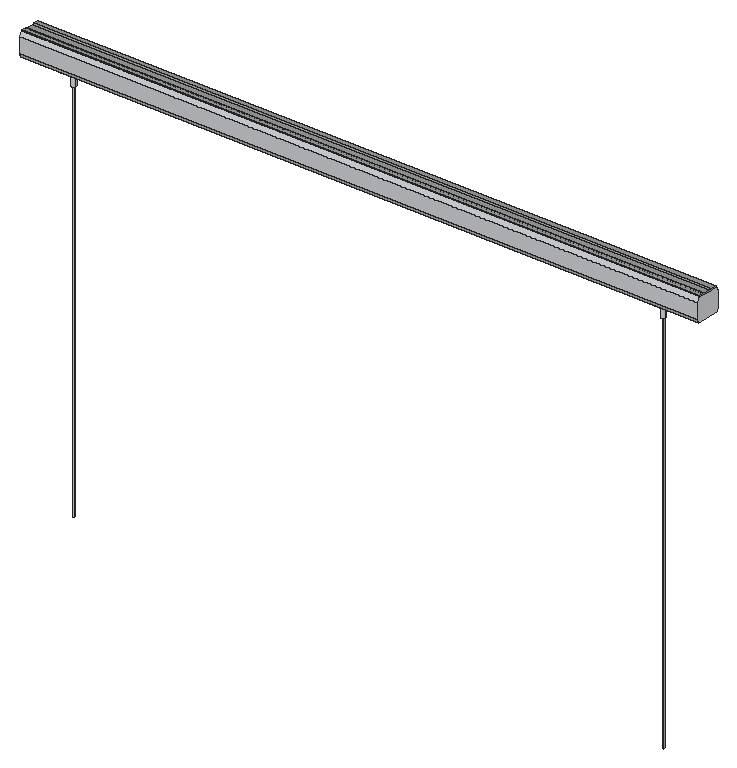
Revit family "0042525 Sylvania Lighting Fixture ISOLINE 1690MM 4K DASY DA 8C", category Lighting Fixtures, host Face, Revit 2018
Family settings
  Host = Face
  Round Connector Dimension = Use Diameter
  Part Type = Normal
  OmniClass Number = 23.80.70.00
  OmniClass Title = Lighting
  Cut with Voids When Loaded = No
  Light Source = Yes
  Shared = No
  Room Calculation Point = No
Parameters (values of type "0042525 ISOLINE 1690MM 4K DASY DA 8C")
  suspension height = 1000 mm
  spacer height = 5 mm
  spacer centres = 1000 mm
  height = 58.791 mm
  Width = 62 mm
  Weight = "n/a"
  Wattage Comments = ""
  Wattage = 9.2903 W
  WarrantyStartDate [instance] = "n/a"
  WarrantyGuarantorParts = "n/a"
  WarrantyDurationUnit = "n/a"
  WarrantyDurationParts = ""
  WarrantyDescription = "http://www.sylvania-lighting.com"
  built-in parameter 1150110 = 1 (stored number, unit not read)
  Voltage = 0 V
  URL = "0"
  TypeName = "ISOLINE 1690MM 4K DASY DA 8C"
  Type Image = <None>
  Type Comments = "n/a"
  built-in parameter 1114217 = 1 (stored number, unit not read)
  Tilt Angle = 90.00°
  built-in parameter 1150109 = 1 (stored number, unit not read)
  built-in parameter 1150134 = 3
  built-in parameter 1150113 = 1 (stored number, unit not read)
  SerialNumber [instance] = "n/a"
  Photometric Web File = "0042525.ies"
  Material_3_FEILO = none
  PowerFactor = 0
  PowerConsumption = "Lighting"
  NominalLength = 62 mm
  NominalHeight = 0 mm
  NominalDepth = 0 mm
  Name = "ISOLINE 1690MM 4K DASY DA 8C"
  ModelReference = Name  # "ISOLINE 1690MM 4K DASY DA 8C"
  ModelNumber = "0042525"
  Model = Name  # "ISOLINE 1690MM 4K DASY DA 8C"
  Material = "Feilo Sylvania"
  ManufacturerName = "147 lm/W"
  Manufacturer = ""
  LuminousEfficacy = ""
  built-in parameter 1150105 = 109.82 (stored number, unit not read)
  Lumens = 1380 lm
  LuminaireType = "0"
  built-in parameter 1150115 = 1 (stored number, unit not read)
  LightOutputRatio = "LED"
  built-in parameter 1150137 = (empty or 0)
  built-in parameter 1150139 = (empty or 0)
  Length = 1690 mm
  LampsType = Lamp  # "n/a"
  LampNominalLuminous = "4000 K"
  LampMacAdamStep = "80"
  LampColourTemperature = "LED"
  LampColourRenderingIndex = "16500"
  built-in parameter 1150112 = 1 (stored number, unit not read)
  built-in parameter 1150114 = 1 (stored number, unit not read)
  Lamp = "n/a"
  Keynote = "n/a"
  InstallationDate [instance] = "n/a"
  InputVoltage = "0"
  InputNominalFrequency = "4000"
  built-in parameter 1150132 = (empty or 0)
  built-in parameter 1150102 = (empty or 0)
  built-in parameter 1150107 = 3200 (stored number, unit not read)
  built-in parameter 1150138 = (empty or 0)
  IngressProtection = "IfcLightFixtureType"
  ImpactProtectionIndex = "IfcLightFixtureType"
  built-in parameter 1150106 = 1.0982 (stored number, unit not read)
  IfcExportType = "IfcLightFixtureType"
  IfcExportAs = "Class I"
  Height = 1000 mm
  ExpectedLife = 50000
  Emit from Circle Diameter = 609.6 mm
  Emit Shape Visible in Rendering = no
  ElectricShockClassification = "147"
  built-in parameter 1150104 = 13.8 (stored number, unit not read)
  DurationUnit = "hours"
  DocumentationLiterature = "http://www.sylvania-lighting.com/product/en-int/products/0042525"
  DimmingControlOptions = "n/a"
  Material_2_FEILO = none
  Dimming Lamp Color Temperature Shift = <None>
  Description = "Isoline LED linear DALI dimmable luminaire for industrial and commercial applications. 1690 mm lenght with double asymmetrical optics provide homogenous light distribution for wide, shelf areas. Suitable for DALI Dimming. Aluminium housing, RAL 9016. Max + 35 °C operating temperature range, 4000 K, CRI 80, UGR <25, 3 SDMC. 56 W power consumption, 8300 lm luminous flux, 147 lm/W efficacy, 1690 mm x 62 mm x 59 mm (L x W x H) dimensions, IP20, IK03, DC 50/60 Hz, Class I. Lifespan L70:B50 60,000 hours."
  Default Elevation = 1219.2 mm
  CreatedOn = "04/03/2021"
  CreatedBy = "@sylvania-lighting.com"
  Cost = 0
  Color Filter = 16777215
  built-in parameter 1114216 [instance] = (empty or 0)
  ClassificationValue = "EF_70_80"
  ClassificationName = "Uniclass2015"
  Material_1_FEILO = none
  BarCode [instance] = "n/a"
  built-in parameter 1114218 = 1 (stored number, unit not read)
  built-in parameter 1150133 = 10 (stored number, unit not read)
  AssetType = "Fixed"
  AssetIdentifier [instance] = "n/a"
  Assembly Code = "D5020200"
  Apparent Load = 56 VA
  Material_4_FEILO = none
Reference planes
  plane 1 "Center (Front/Back)": y = 0
  plane 2: z = 0
  plane 3 "Center (Left/Right)": x = 0
  plane 4: z = 0
  plane 5: z = 1000
  plane 6: y = 31
  plane 7: y = -31
  plane 8: x = -845
  plane 9: x = 845
  plane 10: x = -37.307
  plane 11: x = 55
  plane 12: z = 1058.791
  plane 13: z = 51
  plane 14: y = -27
  plane 15: y = 27
  plane 16: z = 12
  plane 17: y = -24.969
  plane 18: y = 25
  plane 19: y = 12
  plane 20: y = -12
  plane 21: z = 1.634
  plane 22: y = -8
  plane 23: y = 8
  plane 24: z = 995
  plane 25: y = 26.98
  plane 26: y = 16.98
  plane 27: y = -27.027
  plane 28: y = -17.004
  plane 29: z = 996.5
  plane 30: y = 26.002
  plane 31: y = -26.027
  plane 32: through (-1580, 7.965, 1219.2) normal (0.5391, 0.8423, 0)
  plane 33: through (-1555, 7.965, 1219.2) normal (0.5391, -0.8423, 0)
  plane 34: through (1555, 7.965, 1219.2) normal (0.5391, 0.8423, 0)
  plane 35: through (1580, 8, 1219.2) normal (0.5399, -0.8417, 0)
  plane 36: z = 1058.003
  plane 37: z = 1056.819
  plane 38: x = -735
  plane 39: x = 735
Forms (mm)
  Extrusion 1, solid, detail levels medium+fine
    sketch origin (-1690, -1523.717, -160.594) x (0, -1, -0.000261) y (0, 0.000261, -1)
      loop
        line (-1493, -1168.2) -> (-1497, -1160.2) -> (-1551, -1160.2) -> (-1555, -1168.2) -> (-1555, -1207.2) -> (-1549.109, -1218.982) -> (-1535.466, -1218.982) -> (-1532, -1217.566) -> (-1516, -1217.566) -> (-1512.511, -1218.991) -> (-1498.896, -1218.991) -> (-1493, -1207.2) -> (-1493, -1168.2)
    from 845 to 2535
  Extrusion 2, solid
    sketch origin (722.452, 1524, 1219.247) x (0, 1, 0) y (0, 0, 1)
      loop
        line (-1497.021, -219.189) -> (-1498.02, -219.189) -> (-1507.02, -223.699) -> (-1541.004, -223.699) -> (-1550.017, -219.203) -> (-1551.02, -219.203) -> (-1541.004, -224.2) -> (-1507.02, -224.2) -> (-1497.021, -219.189)
    from 0 to 25
  Extrusion 3, solid
    sketch origin (-747.495, 1524, 1219.189) x (0, 1, 0) y (0, 0, 1)
      loop
        line (-1497.021, -219.189) -> (-1498.02, -219.189) -> (-1507.02, -223.699) -> (-1541.004, -223.699) -> (-1550.017, -219.203) -> (-1551.02, -219.203) -> (-1541.004, -224.2) -> (-1507.02, -224.2) -> (-1497.021, -219.189)
    from 0 to 25
  Extrusion 4, solid
    sketch origin (836.384, 0, 0) x (1, 0, 0) y (0, 1, 0)
      loop
        circle (-1571.7, -0.035) r 5
    from 962.277 to 995
  Extrusion 5, solid
    sketch origin (2306.545, 0.065, 0) x (1, 0, 0) y (0, 1, 0)
      loop
        circle (-1571.7, -0.035) r 5
    from 962.277 to 995
  Extrusion 6, solid
    sketch origin (836.717, 0, 0) x (1, 0, 0) y (0, 1, 0)
      loop
        circle (-1571.7, -0.035) r 1.5
    from 0 to 962.277
  Extrusion 7, solid
    sketch origin (2306.663, 0.033, 0) x (1, 0, 0) y (0, 1, 0)
      loop
        circle (-1571.7, -0.035) r 1.5
    from 0 to 962.277
  Extrusion 8, solid, material "Glass, White, High Luminance", detail levels fine
    sketch origin (319, 1524, 1219.2) x (0, 1, 0) y (0, 0, 1)
      loop
        line (-1498.926, -160.099) -> (-1512.703, -160.099) -> (-1516.213, -161.534) -> (-1531.9, -161.534) -> (-1535.47, -160.114) -> (-1549.12, -160.114) -> (-1549.12, -161.197) -> (-1535.782, -161.197) -> (-1532.805, -162.381) -> (-1515.468, -162.381) -> (-1512.929, -161.197) -> (-1498.926, -161.197) -> (-1498.926, -160.099)
    from -1164 to 526
  Extrusion 9, solid, detail levels coarse
    sketch origin (319, 1524, 1219.2) x (0, 1, 0) y (0, 0, 1)
      loop
        line (-1493, -160.052) -> (-1555, -160.052) -> (-1555, -1219.2) -> (-1493, -1219.2) -> (-1493, -160.052)
    from -1164 to 526
Dimensions and locks
  "Width": plane 6 to plane 7
  equal spacing: plane 6, plane 1 "Center (Front/Back)", plane 7
  "Length": plane 8 to plane 9
  equal spacing: plane 8, plane 3 "Center (Left/Right)", plane 9
  "height": plane 12 to plane 5
  "suspension height": plane 5 to level
  aligned and locked: host face to plane 2
  aligned and locked: host face to level
Automatic sketch dimensions
  host sketch curve to host sketch curve = 3582.803 mm
  host sketch curve to host sketch curve = 2438.4 mm
  Extrusion 1 sketch curve to plane 25 = 0 mm
  Extrusion 1 sketch curve to plane 6 = 0.033 mm
  Extrusion 1 sketch curve to plane 12 = 11.778 mm
  Extrusion 1 sketch curve to Extrusion 1 sketch curve = 4 mm  (x2)
  Extrusion 1 sketch curve to Extrusion 1 sketch curve = 5.891 mm
  Extrusion 1 sketch curve to Extrusion 1 sketch curve = 13.643 mm
  Extrusion 1 sketch curve to Extrusion 1 sketch curve = 3.466 mm
  Extrusion 1 sketch curve to Extrusion 1 sketch curve = 16 mm
  Extrusion 1 sketch curve to Extrusion 1 sketch curve = 3.489 mm
  Extrusion 1 sketch curve to Extrusion 1 sketch curve = 13.615 mm
  Extrusion 1 sketch curve to Extrusion 1 sketch curve = 54 mm
  Extrusion 1 sketch curve to Extrusion 1 sketch curve = 47 mm
  Extrusion 1 sketch curve to Extrusion 1 sketch curve = 10.366 mm
  Extrusion 1 sketch curve to Extrusion 1 sketch curve = 1.425 mm
  Extrusion 1 sketch curve to Extrusion 1 sketch curve = 11.782 mm
  Extrusion 1 sketch curve to Extrusion 1 sketch curve = 8 mm  (x2)
  Extrusion 2 sketch curve to plane 28 = 0 mm  (x2)
  Extrusion 2 sketch curve to plane 26 = 0 mm  (x2)
  plane 5 to Extrusion 2 sketch curve = 0.058 mm
  Extrusion 2 sketch curve to plane 31 = 0.01 mm
  Extrusion 2 sketch curve to plane 27 = 0.007 mm
  plane 30 to Extrusion 2 sketch curve = 0.022 mm
  plane 25 to Extrusion 2 sketch curve = 0.001 mm
  plane 5 to Extrusion 2 sketch curve = 0.044 mm
  plane 24 to Extrusion 2 sketch curve = 0.547 mm
  plane 24 to Extrusion 2 sketch curve = 0.047 mm
  Extrusion 3 sketch curve to plane 28 = 0 mm  (x2)
  Extrusion 3 sketch curve to plane 26 = 0 mm  (x2)
  Extrusion 3 sketch curve to plane 5 = 0 mm
  Extrusion 3 sketch curve to plane 31 = 0.01 mm
  Extrusion 3 sketch curve to plane 27 = 0.007 mm
  plane 30 to Extrusion 3 sketch curve = 0.022 mm
  plane 25 to Extrusion 3 sketch curve = 0.001 mm
  Extrusion 3 sketch curve to plane 5 = 0.014 mm
  plane 24 to Extrusion 3 sketch curve = 0.489 mm
  Extrusion 3 sketch curve to plane 24 = 0.011 mm
  plane 32 to Extrusion 4 sketch curve = 448.592 mm
  plane 33 to Extrusion 4 sketch curve = 448.592 mm
  Extrusion 5 sketch curve to plane 1 "Center (Front/Back)" = 0.029 mm
  plane 32 to Extrusion 6 sketch curve = 448.771 mm
  plane 33 to Extrusion 6 sketch curve = 448.771 mm
  plane 1 "Center (Front/Back)" to Extrusion 7 sketch curve = 0.002 mm
  Extrusion 8 sketch curve to plane 36 = 0 mm  (x2)
  Extrusion 8 sketch curve to plane 37 = 0 mm
  plane 17 to Extrusion 8 sketch curve = 0.151 mm
  Extrusion 8 sketch curve to plane 20 = 0.218 mm
  plane 12 to Extrusion 8 sketch curve = 0.295 mm
  Extrusion 8 sketch curve to plane 20 = 0.53 mm
  plane 22 to Extrusion 8 sketch curve = 0.805 mm
  Extrusion 8 sketch curve to plane 22 = 0.1 mm
  plane 23 to Extrusion 8 sketch curve = 0.213 mm
  Extrusion 8 sketch curve to plane 23 = 0.532 mm
  plane 19 to Extrusion 8 sketch curve = 0.929 mm
  Extrusion 8 sketch curve to plane 18 = 0.074 mm
  plane 37 to Extrusion 8 sketch curve = 0.848 mm
  plane 19 to Extrusion 8 sketch curve = 0.703 mm
  plane 12 to Extrusion 8 sketch curve = 0.31 mm
  Extrusion 9 sketch curve to plane 7 = 0 mm
  Extrusion 9 sketch curve to plane 6 = 0 mm
  Extrusion 9 sketch curve to plane 29 = 996.5 mm
  plane 12 to Extrusion 9 sketch curve = 0.357 mm
  Extrusion 5 sketch curve to plane 39 = 0.155 mm
  Extrusion 7 sketch curve to plane 39 = 0.037 mm
  radius of Extrusion 4 sketch curve = 5 mm
  radius of Extrusion 5 sketch curve = 5 mm
  radius of Extrusion 6 sketch curve = 1.5 mm
  radius of Extrusion 7 sketch curve = 1.5 mm
Connectors
  electrical at (0, -0.02, 1000.004)
    settings: on Extrusion 1, index 1, voltage 0 V, apparent load 0 VA, apparent load phase1 0 VA, apparent load phase2 0 VA, apparent load phase3 0 VA, power factor 1, load classification "Other", number of poles 1, system type 31, power factor state 1, is connector primary yes, connector utility no, sub classification motor no, connector description ""
